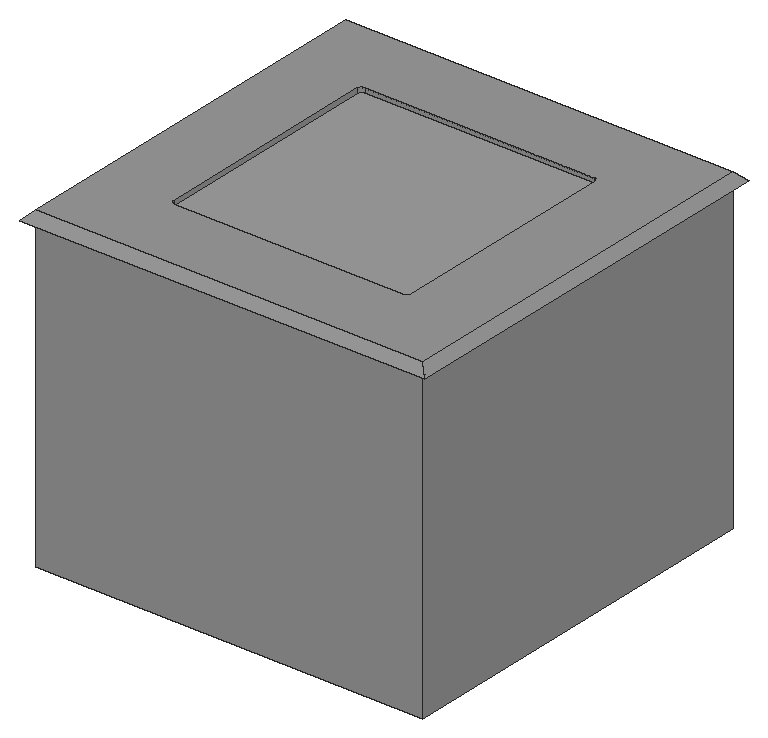
Revit family "4069233", category Lighting Fixtures, host Face, Revit 2017
Family settings
  Host = Face
  Round Connector Dimension = Use Diameter
  Part Type = Normal
  OmniClass Number = 23.80.70.00
  OmniClass Title = Lighting
  Cut with Voids When Loaded = No
  Light Source = Yes
  Shared = No
  Room Calculation Point = No
Parameters (values of type "4069233 PATHE/G/S2 WIDE 85LM LED 4K")
  Width_SYL = 95 mm
  Weight = "0.655 kg"
  Wattage Comments = ""
  Wattage = 1.5 W
  WarrantyStartDate [instance] = "n/a"
  WarrantyGuarantorParts = "n/a"
  WarrantyDurationUnit = "n/a"
  WarrantyDurationParts = "n/a"
  WarrantyDescription = "n/a"
  built-in parameter 1150110 = 1 (stored number, unit not read)
  Voltage = 230 V
  URL = "http://www.sylvania-lighting.com"
  TypeName = "PATHE/GROUND/SQUARE2 WIDE 85LM LED 4K"
  Type Image = <None>
  Type Comments = "n/a"
  built-in parameter 1114217 = 1 (stored number, unit not read)
  Tilt Angle = -90.00°
  built-in parameter 1150109 = 1 (stored number, unit not read)
  built-in parameter 1150134 = 12
  built-in parameter 1150113 = 1 (stored number, unit not read)
  SerialNumber [instance] = "n/a"
  Photometric Web File = "4069233.ies"
  Material_3_SYL = none
  PowerFactor = 0
  PowerConsumption = "1.5 W"
  NominalLength = 95 mm
  NominalHeight = 75 mm
  NominalDepth = 95 mm
  Name = "PATHE/GROUND/SQUARE2 WIDE 85LM LED 4K"
  ModelReference = Name  # "PATHE/GROUND/SQUARE2 WIDE 85LM LED 4K"
  ModelNumber = "4069233"
  Model = Name  # "PATHE/GROUND/SQUARE2 WIDE 85LM LED 4K"
  Material = "aluminium housing, uv stabilized pc polycarbonate diffuser"
  ManufacturerName = "Feilo Sylvania"
  Manufacturer = "Feilo Sylvania"
  LuminousEfficacy = "57 lm/W"
  built-in parameter 1150105 = 6.8039 (stored number, unit not read)
  Lumens = 85.5 lm
  LuminaireType = ""
  built-in parameter 1150115 = 1 (stored number, unit not read)
  LightOutputRatio = "100"
  built-in parameter 1150137 = (empty or 0)
  built-in parameter 1150139 = (empty or 0)
  LampsType = Lamp  # "LED"
  LampNominalLuminous = "85 lm"
  LampMacAdamStep = "n/a"
  LampColourTemperature = "4000 K"
  LampColourRenderingIndex = "80"
  built-in parameter 1150112 = 1 (stored number, unit not read)
  built-in parameter 1150114 = 1 (stored number, unit not read)
  Lamp = "LED"
  Keynote = "16500"
  InstallationDate [instance] = "n/a"
  InputVoltage = "220-240 V AC"
  InputNominalFrequency = "50/60 Hz"
  built-in parameter 1150132 = (empty or 0)
  built-in parameter 1150102 = (empty or 0)
  built-in parameter 1150107 = 4000 (stored number, unit not read)
  built-in parameter 1150138 = (empty or 0)
  IngressProtection = "IP67"
  ImpactProtectionIndex = "IK08"
  built-in parameter 1150106 = 0.068039 (stored number, unit not read)
  IfcExportType = "IfcLightFixtureType"
  IfcExportAs = "IfcLightFixtureType"
  Height_SYL = 75 mm
  HeightAboveGround_SYL = 2 mm
  Emit from Rectangle Width = DiffuserCutOut_SYL  # 55.882 mm
  Emit from Rectangle Length = DiffuserCutOut_SYL  # 55.882 mm
  Emit Shape Visible in Rendering = no
  ElectricShockClassification = "Class I"
  built-in parameter 1150104 = 5.2955 (stored number, unit not read)
  DocumentationLiterature = "http://www.sylvania-lighting.com/product/en-int/products/4069233"
  DimmingControlOptions = "Non dimmable"
  Material_2_SYL = Default
  Dimming Lamp Color Temperature Shift = <None>
  DiffuserCutOut_SYL = 55.882 mm
  Description = "Square recessed ground luminaireCorrosion resistant die-cast aluminium, 85lm, 1.5W, 57lm/W, 4000K, CRI80+, 50°, non dimmable, IP67, IK08,  (HxWxD) 95x95x75mm, 3 step MacAdam ellipse, Class I, 220-240V, A++ A+ A"
  Default Elevation = 1219.2 mm
  CreatedOn = "1/21/2020"
  CreatedBy = "@sylvania-lighting.com"
  Cost = 0
  Color Filter = 16777215
  built-in parameter 1114216 [instance] = (empty or 0)
  ClassificationValue = "EF_70_80"
  ClassificationName = "Uniclass2015"
  Material_1_SYL = Aluminum
  ChamferWidth_SYL = HeightAboveGround_SYL  # 2 mm
  BarCode [instance] = "n/a"
  built-in parameter 1114218 = 1 (stored number, unit not read)
  built-in parameter 1150133 = 10 (stored number, unit not read)
  AssetType = "Fixed"
  AssetIdentifier [instance] = "n/a"
  Assembly Code = "D5020200"
  Apparent Load = 1.5 VA
  Material_4_SYL = none
Reference planes
  plane 1 "Center (Front/Back)": y = 0
  plane 2: z = 0
  plane 3 "Center (Left/Right)": x = 0
  plane 4: x = 47.5
  plane 5: x = -47.5
  plane 6: y = 47.5
  plane 7: y = -47.5
  plane 8: x = -27.941
  plane 9: x = 27.941
  plane 10: y = 27.941
  plane 11: y = -27.941
  plane 12: z = 2
  plane 13: x = -45.5
  plane 14: y = 45.5
  plane 15: x = 45.5
  plane 16: y = -45.5
  plane 17: z = -73
  plane 18: z = 1
Forms (mm)
  Extrusion 1, void
    sketch origin (0, 0, 0) x (1, 0, 0) y (0, 1, 0)
      loop
        line (-45.5, 45.5) -> (-45.5, -45.5) -> (45.5, -45.5) -> (45.5, 45.5) -> (-45.5, 45.5)
    from 0 to -73
  Blend 2, solid, material "Aluminum" <- "Material_1_SYL"
    base sketch origin (0, 0, 0) x (1, 0, 0) y (0, 1, 0)
      loop
        line (-47.5, 47.5) -> (-47.5, -47.5) -> (47.5, -47.5) -> (47.5, 47.5) -> (-47.5, 47.5)
    top sketch origin (0, 0, 0) x (1, 0, 0) y (0, 1, 0)
      loop
        line (-45.5, 45.5) -> (-45.5, -45.5) -> (45.5, -45.5) -> (45.5, 45.5) -> (-45.5, 45.5)
    from 0 to 2
  Extrusion 3, void
    sketch origin (0, 0, 0) x (1, 0, 0) y (0, 1, 0)
      loop
        arc (-26.941, 27.941) -> (-27.648, 27.648) -> (-27.941, 26.941) r 1
        line (-27.941, 26.941) -> (-27.941, -26.941)
        arc (-27.941, -26.941) -> (-27.648, -27.648) -> (-26.941, -27.941) r 1
        line (-26.941, -27.941) -> (26.941, -27.941)
        arc (26.941, -27.941) -> (27.648, -27.648) -> (27.941, -26.941) r 1
        line (27.941, -26.941) -> (27.941, 26.941)
        arc (27.941, 26.941) -> (27.648, 27.648) -> (26.941, 27.941) r 1
        line (26.941, 27.941) -> (-26.941, 27.941)
    from 0 to 2
  Extrusion 4, solid, material "Default" <- "Material_2_SYL"
    sketch origin (0, 0, 0) x (1, 0, 0) y (0, 1, 0)
      loop
        line (27.941, -26.941) -> (27.941, 26.941)
        arc (27.941, 26.941) -> (27.648, 27.648) -> (26.941, 27.941) r 1
        line (26.941, 27.941) -> (-26.941, 27.941)
        arc (-26.941, 27.941) -> (-27.648, 27.648) -> (-27.941, 26.941) r 1
        line (-27.941, 26.941) -> (-27.941, -26.941)
        arc (-27.941, -26.941) -> (-27.648, -27.648) -> (-26.941, -27.941) r 1
        line (-26.941, -27.941) -> (26.941, -27.941)
        arc (26.941, -27.941) -> (27.648, -27.648) -> (27.941, -26.941) r 1
    from 0 to 1
  Extrusion 5, solid, material "Aluminum" <- "Material_1_SYL"
    sketch origin (0, 0, 0) x (1, 0, 0) y (0, 1, 0)
      loop
        line (-45.5, 45.5) -> (-45.5, -45.5) -> (45.5, -45.5) -> (45.5, 45.5) -> (-45.5, 45.5)
    from 0 to -73
Cuts and joins
  Extrusion 3 cuts Blend 2
Dimensions and locks
  equal spacing: host sketch curve, plane 3 "Center (Left/Right)", host sketch curve
  equal spacing: host sketch curve, plane 1 "Center (Front/Back)", host sketch curve
  locked: host sketch curve to host sketch curve at 600  (x2)
  equal spacing: plane 5, plane 3 "Center (Left/Right)", plane 4
  "Width_SYL": plane 5 to plane 4
  equal spacing: plane 7, plane 1 "Center (Front/Back)", plane 6
  "Width_SYL": plane 7 to plane 6
  equal spacing: plane 8, plane 3 "Center (Left/Right)", plane 9
  "DiffuserCutOut_SYL": plane 8 to plane 9
  equal spacing: plane 11, plane 1 "Center (Front/Back)", plane 10
  "DiffuserCutOut_SYL": plane 11 to plane 10
  "HeightAboveGround_SYL": plane 12 to plane 2
  equal spacing: plane 13, plane 3 "Center (Left/Right)", plane 15
  "ChamferWidth_SYL": plane 5 to plane 13
  equal spacing: plane 16, plane 1 "Center (Front/Back)", plane 14
  "ChamferWidth_SYL": plane 14 to plane 6
  "Height_SYL": plane 12 to plane 17
  locked: plane 12 to plane 18 at 1
  aligned and locked: plane 2 to host face
  aligned and locked: level to host face
  aligned and locked: plane 14 to Extrusion 1 sketch curve
  aligned and locked: plane 13 to Extrusion 1 sketch curve
  aligned and locked: Extrusion 1 sketch curve to plane 16
  aligned and locked: Extrusion 1 sketch curve to plane 15
  aligned and locked: plane 17 to Extrusion 1
  aligned and locked: level to Extrusion 1
  aligned and locked: plane 6 to Blend 2 sketch curve
  aligned and locked: plane 5 to Blend 2 sketch curve
  aligned and locked: Blend 2 sketch curve to plane 7
  aligned and locked: Blend 2 sketch curve to plane 4
  aligned and locked: plane 14 to Blend 2 sketch curve
  aligned and locked: plane 13 to Blend 2 sketch curve
  aligned and locked: Blend 2 sketch curve to plane 16
  aligned and locked: Blend 2 sketch curve to plane 15
  aligned and locked: Blend 2 to plane 12
  aligned and locked: Blend 2 to level
  aligned and locked: plane 10 to Extrusion 3 sketch curve
  aligned and locked: plane 8 to Extrusion 3 sketch curve
  aligned and locked: Extrusion 3 sketch curve to plane 11
  aligned and locked: Extrusion 3 sketch curve to plane 9
  aligned and locked: Extrusion 3 to plane 12
  aligned and locked: Extrusion 3 to level
  aligned and locked: Extrusion 4 sketch curve to cut or joined group of Blend 2, Extrusion 3  (x4)
  aligned and locked: Extrusion 4 to plane 18
  aligned and locked: Extrusion 4 to level
  aligned and locked: Extrusion 5 sketch curve to cut or joined group of Blend 2, Extrusion 3  (x4)
  aligned and locked: level to Extrusion 5
  aligned and locked: plane 17 to Extrusion 5
Automatic sketch dimensions
  plane 8 to Extrusion 3 sketch curve = 1 mm  (x2)
  Extrusion 3 sketch curve to plane 9 = 1 mm  (x2)
Connectors
  electrical at (0, 0, -73), driven by "PowerFactor", driven by "Apparent Load", driven by "Voltage"
    settings: on Extrusion 5, index 1, voltage 230 V, apparent load 0 VA, apparent load phase1 1.5 VA, apparent load phase2 0 VA, apparent load phase3 0 VA, power factor 0, load classification "Other", number of poles 1, system type 31, power factor state 1, is connector primary yes, connector utility no, sub classification motor no, connector description ""
